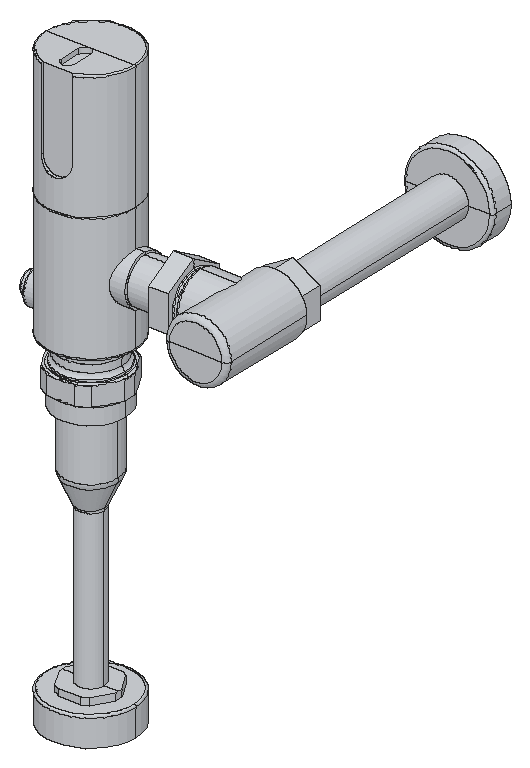
Revit family "Flushometer-Urinal_Touchless-KOHLER-MACH_WAVE-K-40UH00G20_1", category Plumbing Fixtures, host Face, Revit 2017
Family settings
  Host = Face
  Round Connector Dimension = Use Diameter
  Part Type = Normal
  OmniClass Number = 23.27.31.00
  OmniClass Title = Valves
  Cut with Voids When Loaded = No
  Shared = No
  Room Calculation Point = No
Parameters (values of type "0.5 GPF Flushometer, CP-Polished Chrome")
  Without Accessories = Type = 2  # no
  With Accessories = Type = 1  # yes
  Width [instance] = 4 3/8"
  WaterSense Certified = 1 = 0  # no
  Waste Water Outlet = "Waste Water Outlet"  # constant formula
  Waste Connection = 1 = 0  # no
  Vent Connection = 1 = 0  # no
  URL = "https://www.us.kohler.com/us/"
  Type = 1
  RF Width = 3 1/2"  # constant formula
  RF Length = 2 1/2"  # constant formula
  RF Height = 8 1/16"  # constant formula
  Product Page URL = "http://www.us.kohler.com/us/catalog/productDetails.jsp?productId=40UH00G20"
  Product Name = "MACH WAVE"  # constant formula
  Product Documentation Link = "https://www.us.kohler.com/webassets/kpna/catalog/pdf/en/K-40UH00G20_spec.pdf"
  Pressure = 0.00 psi
  Model = if(Type = 1, "K-40UH00G20-CP", if(Type = 2, "K-40UH00G20-RF-CP", "NA"))  # "K-40UH00G20-CP"
  Material = "Premium Metal Construction"  # constant formula
  Master Format 2014 Name = "Control Valves"  # constant formula
  Master Format 2014 = "23 09 13.33"  # constant formula
  Manufacturer Address = "444 Highland Dr, Kohler, WI 53044"  # constant formula
  Manufacturer = "KOHLER Co."  # constant formula
  Length [instance] = 9 3/8"
  Hot Water Inlet = "Hot Water Inlet"  # constant formula
  Height [instance] = 16 3/4"
  HW Connection = 1 = 0  # no
  Flush Rate- LPF = "1.9 LPF"  # constant formula
  Flush Rate- GPF = "0.5 GPF"  # constant formula
  Flow Rate = 0 GPM
  Finish = Kohler-Metal-CP-Polished_Chrome
  Environmental Product Declaration = ""
  Description = if(Type = 1, "HEC 0.5 GPF URINAL FLASH VALVE", if(Type = 2, "HEC 0.5 GPF URINAL RETROFIT FLASH VALVE", "NA"))  # "HEC 0.5 GPF URINAL FLASH VALVE"
  Default Elevation = 0"
  Declare Label = ""
  Date Modified = "02/10/2021"  # constant formula
  Date Created = "02/10/2021"  # constant formula
  Copyright = "Copyright KOHLER Co."  # constant formula
  Contact Us = "https://www.us.kohler.com/us/static/contact.jsp"
  Connector Dia 2 = if(Without Accessories, 3/4", 0")  # 0"
  Connector Dia 1 = if(With Accessories, 3/4", 0")  # 3/4"
  Cold Water Outlet = "Cold Water Outlet"  # constant formula
  Cold Water Inlet = "Cold Water Inlet"  # constant formula
  Center Distance [instance] = (Height - 5 1/4")  # 11 1/2"
  CW Connection = 1 = 1  # yes
  Assembly Code = "D2020"
  ADA Compliant = 1 = 0  # no
Reference planes (in)
  plane 1 "Center (Front/Back)": y = 0
  plane 2: z = 0
  plane 3 "Center (Left/Right)": x = 0
  plane 4: x = 4.375
  plane 5: z = 16.75
  plane 6: y = 7.5625
  plane 7: y = -1.8125
  plane 8: z = 11.5
  plane 9: x = -1.25
  plane 10: x = -0.375
  plane 11: x = 0.375
  plane 12: x = 1.25
  plane 13: x = -1.75
  plane 14: y = 1.25
  plane 15: y = 0.375
  plane 16: y = -0.375
  plane 17: y = -1.25
  plane 18: x = 3.125
  plane 19: x = 3.8125
  plane 20: x = 4.9375
  plane 21: x = 5.625
  plane 22: y = 6.95157
  plane 23: z = 12.75
  plane 24: z = 12.0625
  plane 25: z = 10.9375
  plane 26: z = 10.25
  plane 27: z = 10.3125
  plane 28: z = 0.8125
  plane 29: z = 8.0625
  plane 30: z = 2.75
  plane 31: x = 3.5
  plane 32: z = 1.625
  plane 33: z = 2.08661
  plane 34: z = 3.41339
  plane 35: y = 0.66339
  plane 36: y = -0.66339
  plane 37: x = -1.25
  plane 38: y = 1.25
  plane 39: y = -1.25
  plane 40: x = 1.25
Dimensions and locks (in)
  "Width": plane 3 "Center (Left/Right)" to plane 4
  "Height": plane 5 to level
  locked: plane 7 to plane 1 "Center (Front/Back)" at 1.8125
  "Length": plane 7 to plane 6
  "Center Distance": plane 8 to level
  plane 5 to plane 8 = 5 1/4"
  plane 18 to plane 4 to plane 21 = 1 1/4" locked, 1 1/4" locked
  plane 19 to plane 4 to plane 20 = 9/16" locked, 9/16" locked
  locked: plane 22 to plane 6 at 0.61093
  locked: plane 27 to plane 8 at 1.1875
  plane 26 to plane 8 to plane 23 = 1 1/4" locked, 1 1/4" locked
  plane 24 to plane 8 to plane 25 = 9/16" locked, 9/16" locked
  plane 28 to level = 13/16"
  "RF Height": plane 29 to level
  "RF Width": plane 3 "Center (Left/Right)" to plane 31
  "RF Length": plane 14 to plane 17
  aligned and locked: plane 2 to host face
  aligned and locked: level to host face
  aligned and locked: plane 5 to nested 1
  aligned and locked: plane 6 to nested 1
  aligned and locked: plane 1 "Center (Front/Back)" to nested 1
  aligned and locked: plane 3 "Center (Left/Right)" to nested 1
  aligned and locked: plane 7 to nested 1
Automatic sketch dimensions
  host sketch curve to host sketch curve = 96"  (x2)
Nested families (in)
  nested 1: "K-40UH00G20" at (0, 0, 0), visible <- "With Accessories", type "K-40UH00G20"
  nested 2: "K-40UH00G20_RF" at (0, 0, 0), visible <- "Without Accessories", type "K-40UH00G20_RF"
Connectors (in)
  piping at (4.375, 7.5625, 11.5), diameter 0.75, driven by "Flow Rate", driven by "CW Connection", driven by "Cold Water Inlet", driven by "Connector Dia 1"
    settings: on nested 1, index 1, connector inside diameter 24", connector length 0", flow factor 0, pipe flow 0 GPM, pressure drop 0.00 psi, fitting loss kfactor 0, connector angle 0.00°, fixture units 0, engagement length 0", angle of deflection 0.00°, flow configuration 0, flow direction 1, fitting loss method 0, system type 20, joint type 0, gender type 0, connector reference index -1, connector utility 1, adjustable connector no, is connector primary yes, connector description "Cold Water Inlet"
  piping at (0, 0, 0), diameter 0.75, driven by "Flow Rate", driven by "CW Connection", driven by "Cold Water Outlet"
    settings: on nested 1, index 2, connector inside diameter 24", connector length 0", flow factor 0, pipe flow 0 GPM, pressure drop 0.00 psi, fitting loss kfactor 0, connector angle 0.00°, fixture units 0, engagement length 0", angle of deflection 0.00°, flow configuration 0, flow direction 2, fitting loss method 0, system type 20, joint type 0, gender type 0, connector reference index -1, connector utility 1, adjustable connector no, is connector primary no, connector description "Cold Water Outlet"
  piping at (3.5, 0, 2.75), driven by "Flow Rate", driven by "CW Connection", driven by "Cold Water Inlet", driven by "Connector Dia 2"
    settings: on nested 2, index 3, connector diameter 0", connector inside diameter 24", connector length 0", flow factor 0, pipe flow 0 GPM, pressure drop 0.00 psi, fitting loss kfactor 0, connector angle 0.00°, fixture units 0, engagement length 0", angle of deflection 0.00°, flow configuration 0, flow direction 1, fitting loss method 0, system type 20, joint type 0, gender type 0, connector reference index -1, connector utility 1, adjustable connector no, is connector primary no, connector description "Cold Water Inlet"
Definition of nested family "K-40UH00G20"
  Parameters (values of type "K-40UH00G20")
    length = 9 3/8"
    Width = 4 3/8"
    Material = none
    Height = 16 3/4"
    Center Distance = (Height - 5 1/4")  # 11 1/2"
  Reference planes (in)
    plane 1 "Center (Front/Back)": y = 0
    plane 2: z = 0
    plane 3 "Center (Left/Right)": x = 0
    plane 4 "A": z = 11.5
    plane 5: z = 10.3125
    plane 6: z = 16.75
    plane 7: x = 4.375
    plane 8: x = -1.25
    plane 9: x = 1.25
    plane 10: y = 1.25
    plane 11: y = -1.25
    plane 12: y = 7.5625
    plane 13: y = -1.8125
    plane 14: z = 12.75
    plane 15: z = 10.25
    plane 16: z = 8.96457
    plane 17: z = 8.37649
    plane 18: x = 3.125
    plane 19: x = 5.625
    plane 20: x = -1.75
    plane 21: z = 16.625
    plane 22: z = 10.77154
    plane 23: y = 6.95157
    plane 24: x = 2.31594
    plane 25: x = 2.86713
    plane 26: x = 2.31594
    plane 27: x = 2.86713
    plane 28: x = -0.375
    plane 29: x = 0.375
    plane 30: y = 0.375
    plane 31: y = -0.375
    plane 32: x = 3.8125
    plane 33: x = 4.9375
    plane 34: z = 12.0625
    plane 35: z = 10.9375
    plane 36: z = 0.8125
  Forms (in)
    Extrusion 1, void
      sketch origin (0, 0, 0) x (1, 0, 0) y (0, 1, 0)
        loop
          circle (0, 0) r 1.31929
        loop
          line (-1.08681, 0.18452) -> (-1.08681, -0.18452) -> (-0.7032, -0.84894) -> (-0.38361, -1.03346) -> (0.38361, -1.03346) -> (0.7032, -0.84894) -> (1.08681, -0.18452) -> (1.08681, 0.18452) -> (0.7032, 0.84894) -> (0.38361, 1.03346) -> (-0.38361, 1.03346) -> (-0.7032, 0.84894) -> (-1.08681, 0.18452)
      from 8.96457 to 8.37649
    Extrusion 2, void
      sketch origin (0, 0, 0) x (1, 0, 0) y (0, 1, 0)
        loop
          line (-0.78603, 0.10393) -> (-0.78603, -0.10393) -> (-0.48302, -0.62876) -> (-0.30301, -0.73268) -> (0.30301, -0.73268) -> (0.48302, -0.62876) -> (0.78603, -0.10393) -> (0.78603, 0.10393) -> (0.48302, 0.62876) -> (0.30301, 0.73268) -> (-0.30301, 0.73268) -> (-0.48302, 0.62876) -> (-0.78603, 0.10393)
        loop
          circle (0, 0) r 1.08041
      from 0.81496 to 1.4779
    Revolve 3, solid, material <- "Material", detail levels medium+fine
      sketch origin (0, 0, 0) x (1, 0, 0) y (0, 0, 1)
        loop
          line (1.50388, 12.13386) -> (1.50388, 12.18528) -> (0, 12.18528) -> (0, 11.5) -> (4.375, 11.5) -> (4.375, 12.31231) -> (3.06772, 12.31231)
          arc (3.06772, 12.31231) -> (3.04611, 12.30801) -> (3.02779, 12.29577) r 0.05647
          line (3.02779, 12.29577) -> (2.97034, 12.23832) -> (2.89854, 12.23832)
          arc (2.89854, 12.23832) -> (2.87633, 12.24752) -> (2.86713, 12.26973) r 0.03141
          line (2.86713, 12.26973) -> (2.86713, 12.57402) -> (2.31594, 12.57402) -> (2.31594, 12.13386) -> (1.50388, 12.13386)
        axis (0, 11.5) -> (4.375, 11.5)
      angle from 0 to 360
    Revolve 4, solid, material <- "Material", detail levels medium+fine
      sketch origin (0, 0, 11.5) x (-1, 0, 0) y (0, -1, 0)
        loop
          line (-5.25094, -1.55) -> (-4.93746, -1.55) -> (-4.93746, -6.95157) -> (-5.54291, -6.95157)
          arc (-5.54291, -6.95157) -> (-5.60096, -6.97562) -> (-5.625, -7.03367) r 0.08209
          line (-5.625, -7.03367) -> (-5.625, -7.5625) -> (-4.375, -7.5625) -> (-4.375, 1.8125) -> (-5.10646, 1.8125)
          arc (-5.10646, 1.8125) -> (-5.20862, 1.77018) -> (-5.25094, 1.66802) r 0.14448
          line (-5.25094, 1.66802) -> (-5.25094, -1.55)
        axis (-4.375, -7.5625) -> (-4.375, 1.8125)
      angle from 0 to 360
    Extrusion 5, void
      sketch origin (0, 0, 0) x (0, 1, 0) y (0, 0, 1)
        loop
          circle (0, 11.5) r 1.18947
        loop
          line (0, 12.50197) -> (-0.86773, 12.00098) -> (-0.86773, 10.99902) -> (0, 10.49803) -> (0.86773, 10.99902) -> (0.86773, 12.00098) -> (0, 12.50197)
      from 2.31594 to 2.86713
    Extrusion 6, void
      sketch origin (0, 0, 0) x (1, 0, 0) y (0, 0, 1)
        loop
          circle (4.375, 11.5) r 1.06894
        loop
          line (4.375, 12.37594) -> (3.61641, 11.93797) -> (3.61641, 11.06203) -> (4.375, 10.62406) -> (5.13359, 11.06203) -> (5.13359, 11.93797) -> (4.375, 12.37594)
      from -0.92795 to -1.86496
    Revolve 7, solid, material <- "Material", detail levels medium+fine
      sketch origin (0, 0, 0) x (1, 0, 0) y (0, 0, 1)
        loop
          line (-0.5997, 10.3125) -> (-0.5997, 10.80709) -> (-1.46322, 10.80709)
          arc (-1.46322, 10.80709) -> (-1.50732, 10.78882) -> (-1.52559, 10.74472) r 0.06237
          line (-1.52559, 10.74472) -> (-1.52559, 10.62339) -> (-1.68732, 10.62339)
          arc (-1.68732, 10.62339) -> (-1.73164, 10.60503) -> (-1.75, 10.56071) r 0.06268
          line (-1.75, 10.56071) -> (-1.75, 10.3125) -> (-0.5997, 10.3125)
        axis (-1.75, 10.3125) -> (-0.5997, 10.3125)
      angle from 0 to 360
    Extrusion 8, void
      sketch origin (0, 0, 0) x (1, 0, 0) y (0, 0, 1)
        loop
          line (0.42988, 16.75) -> (-0.42988, 16.75) -> (-0.42988, 14.48421)
          arc (-0.42988, 14.48421) -> (-0.30372, 14.18071) -> (0, 14.05506) r 0.42988
          arc (0, 14.05506) -> (0.30372, 14.18071) -> (0.42988, 14.48421) r 0.42988
          line (0.42988, 14.48421) -> (0.42988, 16.75)
      from 1.13381 to 1.33905
    Extrusion 9, void
      sketch origin (0, 0, 11.5) x (-1, 0, 0) y (0, -1, 0)
        loop
          line (0.18307, 0.20669) -> (0.18307, 0.79724)
          arc (0.18307, 0.79724) -> (0, 0.98031) -> (-0.18307, 0.79724) r 0.18307
          line (-0.18307, 0.79724) -> (-0.18307, 0.20669)
          arc (-0.18307, 0.20669) -> (0, 0.02362) -> (0.18307, 0.20669) r 0.18307
      from 5.125 to 5.25
    Extrusion 10, void
      sketch origin (0, 0, 11.5) x (-1, 0, 0) y (0, -1, 0)
        loop
          line (1.41057, -0.21142) -> (1.60921, -0.21142) -> (1.60921, 0.21142) -> (1.40955, 0.21142)
          arc (1.40955, 0.21142) -> (1.36418, 0.19773) -> (1.33395, 0.16123) r 0.08203
          arc (1.33395, 0.16123) -> (1.30138, 0.00064) -> (1.33346, -0.16005) r 0.41534
          arc (1.33346, -0.16005) -> (1.36424, -0.1974) -> (1.41057, -0.21142) r 0.08357
      from 0 to -0.72846
    Revolve 11, solid, material <- "Material", detail levels medium+fine
      sketch origin (0, 0, 0) x (1, 0, 0) y (0, 0, 1)
        loop
          line (0, 0) -> (1.25, 0) -> (1.25, 0.75359)
          arc (1.25, 0.75359) -> (1.23275, 0.79525) -> (1.19109, 0.8125) r 0.05891
          line (1.19109, 0.8125) -> (0.92409, 0.8125) -> (0.92409, 1) -> (0.375, 1) -> (0.375, 5.35938)
          arc (0.375, 5.35938) -> (0.37896, 5.39553) -> (0.39065, 5.42996) r 0.167
          line (0.39065, 5.42996) -> (0.72601, 6.14915)
          arc (0.72601, 6.14915) -> (0.74977, 6.21913) -> (0.75781, 6.2926) r 0.33942
          line (0.75781, 6.2926) -> (0.75781, 7.89764) -> (0.98425, 7.89764) -> (0.98425, 8.34472)
          arc (0.98425, 8.34472) -> (0.99197, 8.36919) -> (1.01232, 8.3848) r 0.04265
          line (1.01232, 8.3848) -> (1.14839, 8.43433)
          arc (1.14839, 8.43433) -> (1.16889, 8.45006) -> (1.17666, 8.47471) r 0.04297
          line (1.17666, 8.47471) -> (1.17666, 8.877)
          arc (1.17666, 8.877) -> (1.16889, 8.90164) -> (1.14839, 8.91738) r 0.04297
          line (1.14839, 8.91738) -> (1.07657, 8.94351)
          arc (1.07657, 8.94351) -> (1.03961, 8.95342) -> (1.00148, 8.95675) r 0.21955
          line (1.00148, 8.95675) -> (0.94231, 8.95675) -> (0.94231, 9.0002)
          arc (0.94231, 9.0002) -> (0.88676, 9.06161) -> (0.86667, 9.14194) r 0.17064
          line (0.86667, 9.14194) -> (0.86667, 9.35008)
          arc (0.86667, 9.35008) -> (0.95904, 9.57308) -> (1.18205, 9.66545) r 0.31537
          line (1.18205, 9.66545) -> (1.22186, 9.66545)
          arc (1.22186, 9.66545) -> (1.24176, 9.67369) -> (1.25, 9.69359) r 0.02814
          line (1.25, 9.69359) -> (1.25, 13.19548)
          arc (1.25, 13.19548) -> (1.24055, 13.21854) -> (1.21765, 13.22835) r 0.03287
          line (1.21765, 13.22835) -> (1.25, 13.22835) -> (1.25, 16.71358)
          arc (1.25, 16.71358) -> (1.23933, 16.73933) -> (1.21358, 16.75) r 0.03642
          line (1.21358, 16.75) -> (0, 16.75) -> (0, 0)
        axis (0, 0) -> (0, 16.75)
      angle from 0 to 360
    Revolve 12, solid, material <- "Material", detail levels coarse
      sketch origin (0, 0, 0) x (1, 0, 0) y (0, 0, 1)
        loop
          line (0, 16.75) -> (-1.25, 16.75) -> (-1.25, 7.89764) -> (-0.75781, 7.89764) -> (-0.75781, 5.42296) -> (-0.375, 5.42296) -> (-0.375, 0.81496) -> (-1.25, 0.81496) -> (-1.25, 0) -> (0, 0) -> (0, 16.75)
        axis (0, 16.75) -> (0, 0)
      angle from 0 to 360
    Revolve 13, solid, material <- "Material", detail levels coarse
      sketch origin (0, 0, 11.5) x (-1, 0, 0) y (0, -1, 0)
        loop
          line (-4.375, -7.5625) -> (-4.375, 1.8125) -> (-5.25094, 1.8125) -> (-5.25094, -1.55) -> (-4.93764, -1.55) -> (-4.93764, -6.95157) -> (-5.625, -6.95157) -> (-5.625, -7.5625) -> (-4.375, -7.5625)
        axis (-4.375, -7.5625) -> (-4.375, 1.8125)
      angle from 0 to 360
    Extrusion 14, solid, material <- "Material", detail levels coarse
      sketch origin (0, 0, 0) x (0, 1, 0) y (0, 0, 1)
        loop
          circle (0, 10.3125) r 0.49459
      from -1.75 to -1.08681
    Extrusion 15, solid, material <- "Material", detail levels medium+fine
      sketch origin (0, 0, 0) x (1, 0, 0) y (0, 0, 1)
        loop
          circle (4.375, 11.5) r 0.22469
      from -7.5625 to -6.95157
    Revolve 16, solid, material <- "Material", detail levels coarse
      sketch origin (0, 0, 0) x (1, 0, 0) y (0, 0, 1)
        loop
          line (0, 12.13357) -> (0, 11.5) -> (4.375, 11.5) -> (4.375, 12.31214) -> (2.86713, 12.31214) -> (2.86713, 12.50197) -> (2.31594, 12.50197) -> (2.31594, 12.13357) -> (0, 12.13357)
        axis (4.375, 11.5) -> (0, 11.5)
      angle from 0 to 360
  Cuts and joins
    Extrusion 8, Extrusion 9, Extrusion 10 cuts Revolve 7
    Extrusion 6 cuts Revolve 4
    Extrusion 1, Extrusion 2, Extrusion 8, Extrusion 9 cuts Revolve 11
    Extrusion 5 cuts Revolve 3
  Lines and regions (in)
    Masking region 1
      outline origin (0, 0, 11.5) x (-1, 0, 0) y (0, -1, 0)
        loop
          line (1.14764, -0.49541) -> (1.45548, -0.49541)
          arc (1.45548, -0.49541) -> (1.50506, -0.47487) -> (1.52559, -0.4253) r 0.07011
          line (1.52559, -0.4253) -> (1.52559, -0.31089) -> (1.69067, -0.31089)
          arc (1.69067, -0.31089) -> (1.73262, -0.29351) -> (1.75, -0.25156) r 0.05933
          line (1.75, -0.25156) -> (1.75, 0.25156)
          arc (1.75, 0.25156) -> (1.73262, 0.29351) -> (1.69067, 0.31089) r 0.05933
          line (1.69067, 0.31089) -> (1.52559, 0.31089) -> (1.52559, 0.4253)
          arc (1.52559, 0.4253) -> (1.50506, 0.47487) -> (1.45548, 0.49541) r 0.07011
          line (1.45548, 0.49541) -> (1.14764, 0.49541)
          arc (1.14764, 0.49541) -> (0.68675, 1.04445) -> (0, 1.25) r 1.25
          arc (0, 1.25) -> (-0.59409, 1.0998) -> (-1.04541, 0.68528) r 1.25
          line (-1.04541, 0.68528) -> (-1.50394, 0.68528) -> (-1.50394, 0.63386) -> (-2.31594, 0.63386) -> (-2.31594, 0.86773) -> (-2.86713, 0.86773) -> (-2.86713, 0.77274)
          arc (-2.86713, 0.77274) -> (-2.87721, 0.7484) -> (-2.90155, 0.73832) r 0.03442
          line (-2.90155, 0.73832) -> (-2.97034, 0.73832) -> (-3.0243, 0.79228)
          arc (-3.0243, 0.79228) -> (-3.0465, 0.80711) -> (-3.0727, 0.81232) r 0.06845
          line (-3.0727, 0.81232) -> (-3.49906, 0.81232) -> (-3.49906, 1.66989)
          arc (-3.49906, 1.66989) -> (-3.54083, 1.77073) -> (-3.64167, 1.8125) r 0.14261
          line (-3.64167, 1.8125) -> (-5.11806, 1.8125)
          arc (-5.11806, 1.8125) -> (-5.21202, 1.77358) -> (-5.25094, 1.67962) r 0.13288
          line (-5.25094, 1.67962) -> (-5.25094, -0.92795) -> (-5.13359, -0.92795) -> (-5.13359, -1.55) -> (-4.93764, -1.55) -> (-4.93764, -6.95157) -> (-5.54009, -6.95157)
          arc (-5.54009, -6.95157) -> (-5.60013, -6.97645) -> (-5.625, -7.03649) r 0.08491
          line (-5.625, -7.03649) -> (-5.625, -7.5625) -> (-3.125, -7.5625) -> (-3.125, -7.03649)
          arc (-3.125, -7.03649) -> (-3.14987, -6.97645) -> (-3.20991, -6.95157) r 0.08491
          line (-3.20991, -6.95157) -> (-3.81236, -6.95157) -> (-3.81236, -1.55) -> (-3.61641, -1.55) -> (-3.61641, -0.92795) -> (-3.49906, -0.92795) -> (-3.49906, -0.81232) -> (-3.0727, -0.81232)
          arc (-3.0727, -0.81232) -> (-3.0465, -0.80711) -> (-3.0243, -0.79228) r 0.06845
          line (-3.0243, -0.79228) -> (-2.97034, -0.73832) -> (-2.90155, -0.73832)
          arc (-2.90155, -0.73832) -> (-2.87721, -0.7484) -> (-2.86713, -0.77274) r 0.03442
          line (-2.86713, -0.77274) -> (-2.86713, -0.86773) -> (-2.31594, -0.86773) -> (-2.31594, -0.63386) -> (-1.50394, -0.63386) -> (-1.50394, -0.68528) -> (-1.04541, -0.68528)
          arc (-1.04541, -0.68528) -> (-0.59409, -1.0998) -> (0, -1.25) r 1.25
          arc (0, -1.25) -> (0.68675, -1.04445) -> (1.14764, -0.49541) r 1.25
    Masking region 2
      outline origin (0, 0, 0) x (1, 0, 0) y (0, 0, 1)
        loop
          line (1.25, 0) -> (1.25, 0.75477)
          arc (1.25, 0.75477) -> (1.23309, 0.79559) -> (1.19227, 0.8125) r 0.05773
          line (1.19227, 0.8125) -> (0.78603, 0.8125) -> (0.78603, 1) -> (0.375, 1) -> (0.375, 5.36333)
          arc (0.375, 5.36333) -> (0.37834, 5.39387) -> (0.38822, 5.42296) r 0.14108
          line (0.38822, 5.42296) -> (0.7292, 6.1542)
          arc (0.7292, 6.1542) -> (0.75057, 6.21716) -> (0.75781, 6.28325) r 0.30536
          line (0.75781, 6.28325) -> (0.75781, 7.89764) -> (0.98425, 7.89764) -> (0.98425, 8.33679)
          arc (0.98425, 8.33679) -> (0.99588, 8.36486) -> (1.02395, 8.37649) r 0.0397
          line (1.02395, 8.37649) -> (1.08681, 8.37649) -> (1.08681, 8.92229)
          arc (1.08681, 8.92229) -> (1.07443, 8.95218) -> (1.04453, 8.96457) r 0.04228
          line (1.04453, 8.96457) -> (0.94231, 8.96457) -> (0.94231, 9.0002)
          arc (0.94231, 9.0002) -> (0.88697, 9.06221) -> (0.86698, 9.14288) r 0.1728
          line (0.86698, 9.14288) -> (0.86698, 9.35892)
          arc (0.86698, 9.35892) -> (0.95683, 9.57583) -> (1.17374, 9.66568) r 0.30676
          line (1.17374, 9.66568) -> (1.22254, 9.66568)
          arc (1.22254, 9.66568) -> (1.24196, 9.67372) -> (1.25, 9.69314) r 0.02746
          line (1.25, 9.69314) -> (1.25, 10.81472) -> (1.50394, 10.81472) -> (1.50394, 10.86643) -> (2.31594, 10.86643) -> (2.31594, 10.49803) -> (2.86713, 10.49803) -> (2.86713, 10.72866)
          arc (2.86713, 10.72866) -> (2.8768, 10.75201) -> (2.90014, 10.76168) r 0.03302
          line (2.90014, 10.76168) -> (2.97034, 10.76168) -> (3.02723, 10.70479)
          arc (3.02723, 10.70479) -> (3.04598, 10.69226) -> (3.0681, 10.68786) r 0.0578
          line (3.0681, 10.68786) -> (3.42477, 10.68786)
          arc (3.42477, 10.68786) -> (5.625, 11.5) -> (3.42477, 12.31214) r 1.25
          line (3.42477, 12.31214) -> (3.0681, 12.31214)
          arc (3.0681, 12.31214) -> (3.04598, 12.30774) -> (3.02723, 12.29521) r 0.0578
          line (3.02723, 12.29521) -> (2.97034, 12.23832) -> (2.90094, 12.23832)
          arc (2.90094, 12.23832) -> (2.87703, 12.24822) -> (2.86713, 12.27213) r 0.03381
          line (2.86713, 12.27213) -> (2.86713, 12.50197) -> (2.31594, 12.50197) -> (2.31594, 12.13357) -> (1.50394, 12.13357) -> (1.50394, 12.18528) -> (1.25, 12.18528) -> (1.25, 13.19707)
          arc (1.25, 13.19707) -> (1.24046, 13.21957) -> (1.21765, 13.22835) r 0.03129
          line (1.21765, 13.22835) -> (1.25, 13.22835) -> (1.25, 16.71393)
          arc (1.25, 16.71393) -> (1.23944, 16.73944) -> (1.21393, 16.75) r 0.03607
          line (1.21393, 16.75) -> (-1.21393, 16.75)
          arc (-1.21393, 16.75) -> (-1.23944, 16.73944) -> (-1.25, 16.71393) r 0.03607
          line (-1.25, 16.71393) -> (-1.25, 13.22835) -> (-1.21765, 13.22835)
          arc (-1.21765, 13.22835) -> (-1.24046, 13.21957) -> (-1.25, 13.19707) r 0.03129
          line (-1.25, 13.19707) -> (-1.25, 10.80709) -> (-1.30138, 10.80709)
          spline (-1.30138, 10.80709) -> (-1.3018, 10.80683) -> (-1.30281, 10.80607) -> (-1.3044, 10.8048) -> (-1.30657, 10.80303) -> (-1.30932, 10.80076) -> (-1.31264, 10.798) -> (-1.31652, 10.79476) -> (-1.32096, 10.79103) -> (-1.32594, 10.78684) -> (-1.33145, 10.78218) -> (-1.33748, 10.77708) -> (-1.34402, 10.77154)
          line (-1.34402, 10.77154) -> (-1.50047, 10.77154)
          arc (-1.50047, 10.77154) -> (-1.51823, 10.76418) -> (-1.52559, 10.74642) r 0.02512
          line (-1.52559, 10.74642) -> (-1.52559, 10.62339) -> (-1.68985, 10.62339)
          arc (-1.68985, 10.62339) -> (-1.73238, 10.60577) -> (-1.75, 10.56324) r 0.06015
          line (-1.75, 10.56324) -> (-1.75, 10.06176)
          arc (-1.75, 10.06176) -> (-1.73238, 10.01923) -> (-1.68985, 10.00161) r 0.06015
          line (-1.68985, 10.00161) -> (-1.52559, 10.00161) -> (-1.52559, 9.87879)
          arc (-1.52559, 9.87879) -> (-1.50766, 9.83551) -> (-1.46439, 9.81758) r 0.0612
          line (-1.46439, 9.81758) -> (-1.25, 9.81758) -> (-1.25, 9.69314)
          arc (-1.25, 9.69314) -> (-1.24196, 9.67372) -> (-1.22254, 9.66568) r 0.02746
          line (-1.22254, 9.66568) -> (-1.17374, 9.66568)
          arc (-1.17374, 9.66568) -> (-0.95683, 9.57583) -> (-0.86698, 9.35892) r 0.30676
          line (-0.86698, 9.35892) -> (-0.86698, 9.14288)
          arc (-0.86698, 9.14288) -> (-0.88697, 9.06221) -> (-0.94231, 9.0002) r 0.1728
          line (-0.94231, 9.0002) -> (-0.94231, 8.96457) -> (-1.04453, 8.96457)
          arc (-1.04453, 8.96457) -> (-1.07443, 8.95218) -> (-1.08681, 8.92229) r 0.04228
          line (-1.08681, 8.92229) -> (-1.08681, 8.37649) -> (-1.02395, 8.37649)
          arc (-1.02395, 8.37649) -> (-0.99588, 8.36486) -> (-0.98425, 8.33679) r 0.0397
          line (-0.98425, 8.33679) -> (-0.98425, 7.89764) -> (-0.75781, 7.89764) -> (-0.75781, 6.28325)
          arc (-0.75781, 6.28325) -> (-0.75057, 6.21716) -> (-0.7292, 6.1542) r 0.30536
          line (-0.7292, 6.1542) -> (-0.38822, 5.42296)
          arc (-0.38822, 5.42296) -> (-0.37834, 5.39387) -> (-0.375, 5.36333) r 0.14108
          line (-0.375, 5.36333) -> (-0.375, 1) -> (-0.78603, 1) -> (-0.78603, 0.8125) -> (-1.19227, 0.8125)
          arc (-1.19227, 0.8125) -> (-1.23309, 0.79559) -> (-1.25, 0.75477) r 0.05773
          line (-1.25, 0.75477) -> (-1.25, 0) -> (1.25, 0)
    Masking region 3
      outline origin (0, 0, 0) x (0, 1, 0) y (0, 0, 1)
        loop
          line (1.25, 0) -> (1.25, 0.75262)
          arc (1.25, 0.75262) -> (1.23246, 0.79496) -> (1.19012, 0.8125) r 0.05988
          line (1.19012, 0.8125) -> (0.73268, 0.8125) -> (0.73268, 1) -> (0.37476, 1) -> (0.37476, 5.33413)
          arc (0.37476, 5.33413) -> (0.38078, 5.38912) -> (0.39856, 5.4415) r 0.25405
          line (0.39856, 5.4415) -> (0.72285, 6.13693)
          arc (0.72285, 6.13693) -> (0.74897, 6.21388) -> (0.75781, 6.29465) r 0.3732
          line (0.75781, 6.29465) -> (0.75781, 7.89764) -> (0.98425, 7.89764) -> (0.98425, 8.37649) -> (1.03346, 8.37649) -> (1.03346, 8.96457) -> (0.94231, 8.96457) -> (0.94231, 9.0002)
          arc (0.94231, 9.0002) -> (0.88689, 9.06497) -> (0.86696, 9.14785) r 0.18237
          line (0.86696, 9.14785) -> (0.86696, 9.33648)
          arc (0.86696, 9.33648) -> (0.9567, 9.56242) -> (1.17701, 9.66523) r 0.32932
          line (1.17701, 9.66523) -> (1.22184, 9.66523)
          arc (1.22184, 9.66523) -> (1.24175, 9.67348) -> (1.25, 9.69339) r 0.02816
          line (1.25, 9.69339) -> (1.25, 10.62406) -> (1.55, 10.62406) -> (1.55, 10.93804) -> (6.95157, 10.93804) -> (6.95157, 10.3304)
          arc (6.95157, 10.3304) -> (6.97512, 10.27355) -> (7.03198, 10.25) r 0.0804
          line (7.03198, 10.25) -> (7.5625, 10.25) -> (7.5625, 12.75) -> (7.03198, 12.75)
          arc (7.03198, 12.75) -> (6.97512, 12.72645) -> (6.95157, 12.6696) r 0.0804
          line (6.95157, 12.6696) -> (6.95157, 12.06196) -> (1.55, 12.06196) -> (1.55, 12.37594) -> (1.25, 12.37594) -> (1.25, 13.19345)
          arc (1.25, 13.19345) -> (1.24081, 13.2171) -> (1.21806, 13.22835) r 0.03503
          line (1.21806, 13.22835) -> (1.25, 13.22835) -> (1.25, 16.70975)
          arc (1.25, 16.70975) -> (1.23821, 16.73821) -> (1.20975, 16.75) r 0.04025
          line (1.20975, 16.75) -> (-1.13555, 16.75)
          arc (-1.13555, 16.75) -> (-1.16257, 16.73881) -> (-1.17376, 16.7118) r 0.0382
          line (-1.17376, 16.7118) -> (-1.17376, 14.48421)
          arc (-1.17376, 14.48421) -> (-1.19296, 14.26628) -> (-1.25, 14.05506) r 1.24591
          line (-1.25, 14.05506) -> (-1.25, 13.22835) -> (-1.2189, 13.22835)
          arc (-1.2189, 13.22835) -> (-1.24114, 13.21629) -> (-1.25, 13.1926) r 0.0361
          line (-1.25, 13.1926) -> (-1.25, 12.37429) -> (-1.66532, 12.37429)
          arc (-1.66532, 12.37429) -> (-1.76939, 12.33119) -> (-1.8125, 12.22712) r 0.14718
          line (-1.8125, 12.22712) -> (-1.8125, 10.77288)
          arc (-1.8125, 10.77288) -> (-1.76939, 10.66881) -> (-1.66532, 10.62571) r 0.14718
          line (-1.66532, 10.62571) -> (-1.25, 10.62571) -> (-1.25, 9.69339)
          arc (-1.25, 9.69339) -> (-1.24175, 9.67348) -> (-1.22184, 9.66523) r 0.02816
          line (-1.22184, 9.66523) -> (-1.17701, 9.66523)
          arc (-1.17701, 9.66523) -> (-0.9567, 9.56242) -> (-0.86696, 9.33648) r 0.32932
          line (-0.86696, 9.33648) -> (-0.86696, 9.14785)
          arc (-0.86696, 9.14785) -> (-0.88689, 9.06497) -> (-0.94231, 9.0002) r 0.18237
          line (-0.94231, 9.0002) -> (-0.94231, 8.96457) -> (-1.03346, 8.96457) -> (-1.03346, 8.37649) -> (-0.98425, 8.37649) -> (-0.98425, 7.89764) -> (-0.75781, 7.89764) -> (-0.75781, 6.29465)
          arc (-0.75781, 6.29465) -> (-0.74897, 6.21388) -> (-0.72285, 6.13693) r 0.3732
          line (-0.72285, 6.13693) -> (-0.39856, 5.4415)
          arc (-0.39856, 5.4415) -> (-0.38078, 5.38912) -> (-0.37476, 5.33413) r 0.25405
          line (-0.37476, 5.33413) -> (-0.37476, 1) -> (-0.73268, 1) -> (-0.73268, 0.8125) -> (-1.19012, 0.8125)
          arc (-1.19012, 0.8125) -> (-1.23246, 0.79496) -> (-1.25, 0.75262) r 0.05988
          line (-1.25, 0.75262) -> (-1.25, 0) -> (1.25, 0)
    symbolic lines, detail levels medium+fine
      curve 1: line (-1.52559, -0.31089, 11.5) -> (-1.52559, 0.31089, 11.5)
      curve 2: arc (-1.34442, -0.18412, 11.5) -> (-1.30138, 0, 11.5) -> (-1.34442, 0.18412, 11.5) r 0.41534
      curve 3: line (-1.52559, 0.18412, 11.5) -> (-1.34442, 0.18412, 11.5)
      curve 4: line (-1.34442, -0.18412, 11.5) -> (-1.52559, -0.18412, 11.5)
      curve 5: arc (-1.14764, 0.49541, 11.5) -> (-1.22414, 0.25294, 11.5) -> (-1.25, 0, 11.5) r 1.25
      curve 6: arc (-1.14764, -0.49541, 11.5) -> (-1.22414, -0.25294, 11.5) -> (-1.25, 0, 11.5) r 1.25
      curve 7: arc (1.04541, 0.68528, 11.5) -> (1.19776, 0.35759, 11.5) -> (1.25, 0, 11.5) r 1.25
      curve 8: arc (1.04541, -0.68528, 11.5) -> (1.19776, -0.35759, 11.5) -> (1.25, 0, 11.5) r 1.25
      curve 9: line (0.42988, -1.13381, 11.5) -> (-0.42988, -1.13381, 11.5)
      curve 10: line (-0.42988, -1.13381, 11.5) -> (-0.42988, -1.17376, 11.5)
      curve 11: line (0.42988, -1.17376, 11.5) -> (0.42988, -1.13381, 11.5)
      curve 12: arc (0.42988, -1.13924, 11.5) -> (0, 1.21765, 11.5) -> (-0.42988, -1.13924, 11.5) r 1.21765
      curve 13: arc (0.18307, -0.20669, 11.5) -> (0, -0.02362, 11.5) -> (-0.18307, -0.20669, 11.5) r 0.18307
      curve 14: line (-0.18307, -0.20669, 11.5) -> (-0.18307, -0.79724, 11.5)
      curve 15: line (0.18307, -0.79724, 11.5) -> (0.18307, -0.20669, 11.5)
      curve 16: arc (-0.18307, -0.79724, 11.5) -> (0, -0.98031, 11.5) -> (0.18307, -0.79724, 11.5) r 0.18307
      curve 17: line (1.50394, 0.63386, 11.5) -> (1.50394, -0.63386, 11.5)
      curve 18: line (2.31594, 0.63386, 11.5) -> (2.31594, -0.63386, 11.5)
      curve 19: line (2.86713, 0.77274, 11.5) -> (2.86713, -0.77274, 11.5)
      curve 20: line (2.97034, 0.73832, 11.5) -> (2.97034, -0.73832, 11.5)
      curve 21: line (2.86713, 0.77274, 11.5) -> (2.31594, 0.77274, 11.5)
      curve 22: line (2.31594, 0.05692, 11.5) -> (2.86713, 0.05692, 11.5)
      curve 23: line (2.86713, -0.77274, 11.5) -> (2.31594, -0.77274, 11.5)
      curve 24: line (2.31594, -0.05692, 11.5) -> (2.86713, -0.05692, 11.5)
      curve 25: line (3.81236, 1.55, 11.5) -> (4.93746, 1.55, 11.5)
      curve 26: line (3.71439, 1.55, 11.5) -> (3.71439, 0.92795, 11.5)
      curve 27: line (3.71439, 0.92795, 11.5) -> (4.21439, 0.92795, 11.5)
      curve 28: line (4.21439, 0.92795, 11.5) -> (4.21439, 1.55, 11.5)
      curve 29: line (5.03561, 1.55, 11.5) -> (5.03561, 0.92795, 11.5)
      curve 30: line (5.03561, 0.92795, 11.5) -> (4.53561, 0.92795, 11.5)
      curve 31: line (4.53561, 0.92795, 11.5) -> (4.53561, 1.55, 11.5)
      curve 32: line (3.49906, -0.81232, 11.5) -> (3.9705, -0.20585, 11.5)
      curve 33: line (3.49906, 0.81232, 11.5) -> (3.9705, 0.20585, 11.5)
      curve 34: arc (3.9705, -0.20585, 11.5) -> (4.04109, 0, 11.5) -> (3.9705, 0.20585, 11.5) r 0.33541
      curve 35: line (3.81236, 6.95157, 11.5) -> (4.93764, 6.95157, 11.5)
      curve 36: line (3.125, 7.03649, 11.5) -> (5.625, 7.03649, 11.5)
      curve 37: line (-0.375, 0, 1) -> (0.375, 0, 1)
      curve 38: line (-0.78603, 0, 0.8125) -> (0.78603, 0, 0.8125)
      curve 39: line (-1.25, 0, 0.75723) -> (1.25, 0, 0.75723)
      curve 40: line (-0.48302, 0, 1) -> (-0.48302, 0, 0.8125)
      curve 41: line (-0.30301, 0, 1) -> (-0.30301, 0, 0.8125)
      curve 42: line (0.30301, 0, 1) -> (0.30301, 0, 0.8125)
      curve 43: line (0.48302, 0, 1) -> (0.48302, 0, 0.8125)
      curve 44: line (-0.38822, 0, 5.42296) -> (0.38822, 0, 5.42296)
      curve 45: line (-0.75781, 0, 6.28325) -> (0.75781, 0, 6.28325)
      curve 46: line (-0.75781, 0, 7.89764) -> (0.75781, 0, 7.89764)
      curve 47: line (-1.02395, 0, 8.37649) -> (1.02395, 0, 8.37649)
      curve 48: line (-0.94231, 0, 8.96457) -> (0.94231, 0, 8.96457)
      curve 49: line (0.94231, 0, 9.0002) -> (-0.94231, 0, 9.0002)
      curve 50: line (-0.7032, 0, 8.37649) -> (-0.7032, 0, 8.96457)
      curve 51: line (-0.38361, 0, 8.37649) -> (-0.38361, 0, 8.96457)
      curve 52: line (0.7032, 0, 8.37649) -> (0.7032, 0, 8.96457)
      curve 53: line (0.38361, 0, 8.37649) -> (0.38361, 0, 8.96457)
      curve 54: line (-1.17374, 0, 9.66568) -> (1.17374, 0, 9.66568)
      curve 55: line (-1.52559, 0, 10.62339) -> (-1.52559, 0, 10.00161)
      curve 56: line (-1.25, 0, 9.81758) -> (-1.12019, 0, 10.10913)
      curve 57: line (-1.25, 0, 10.80742) -> (-1.12019, 0, 10.51587)
      curve 58: arc (-1.12019, 0, 10.51587) -> (-1.07697, 0, 10.3125) -> (-1.12019, 0, 10.10913) r 0.5
      curve 59: line (-1.21765, 0, 13.22835) -> (1.21765, 0, 13.22835)
      curve 60: line (-0.43272, 0, 16.75) -> (-0.43272, 0, 14.44082)
      curve 61: arc (-0.42988, 0, 14.48421) -> (-0.30372, 0, 14.18071) -> (0, 0, 14.05506) r 0.42988
      curve 62: arc (0, 0, 14.05506) -> (0.30397, 0, 14.18097) -> (0.42988, 0, 14.48494) r 0.42988
      curve 63: line (0.42988, 0, 14.48494) -> (0.42988, 0, 16.75)
      curve 64: line (1.25, 0, 10.81472) -> (0.74149, 0, 11.32322)
      curve 65: line (1.50394, 0, 12.13386) -> (1.50394, 0, 10.86643)
      curve 66: line (1.25, 0, 12.18528) -> (0.74149, 0, 11.67678)
      curve 67: arc (0.74149, 0, 11.67678) -> (0.66827, 0, 11.5) -> (0.74149, 0, 11.32322) r 0.25
      curve 68: line (2.31594, 0, 12.13357) -> (2.31594, 0, 10.86614)
      curve 69: line (2.86713, 0, 10.72866) -> (2.86713, 0, 12.27213)
      curve 70: line (2.97034, 0, 12.23832) -> (2.97034, 0, 10.76168)
      curve 71: line (3.42477, 0, 12.31214) -> (4.04681, 0, 12.31214)
      curve 72: line (3.42477, 0, 10.68786) -> (4.04681, 0, 10.68786)
      curve 73: arc (3.49791, 0, 10.68786) -> (5.57034, 0, 11.5) -> (3.49791, 0, 12.31214) r 1.19534
      curve 74: circle (4.375, 0, 11.5) r 0.87594 normal (0, -1, 0)
      curve 75: line (2.31594, 0, 12.18005) -> (2.86713, 0, 12.18005)
      curve 76: line (2.31594, 0, 12.00098) -> (2.86713, 0, 12.00098)
      curve 77: line (2.31594, 0, 10.81995) -> (2.86713, 0, 10.81995)
      curve 78: line (2.31594, 0, 10.99902) -> (2.86713, 0, 10.99902)
      curve 79: line (3.49906, -1.66989, 11.5) -> (5.25059, -1.66989, 11.5)
      curve 80: line (0, 0.73268, 0.8125) -> (0, -0.73268, 0.8125)
      curve 81: line (0, 0.375, 1) -> (0, -0.375, 1)
      curve 82: line (0, 1.25, 0.75508) -> (0, -1.25, 0.75508)
      curve 83: line (0, 0.62876, 1) -> (0, 0.62876, 0.8125)
      curve 84: line (0, 0.10393, 1) -> (0, 0.10393, 0.8125)
      curve 85: line (0, -0.10393, 1) -> (0, -0.10393, 0.8125)
      curve 86: line (0, -0.62876, 1) -> (0, -0.62876, 0.8125)
      curve 87: line (0, 0.75781, 6.29465) -> (0, -0.75781, 6.29465)
      curve 88: line (0, 0.39856, 5.4415) -> (0, -0.39856, 5.4415)
      curve 89: line (0, 0.75781, 7.89764) -> (0, -0.75781, 7.89764)
      curve 90: line (0, 0.98425, 8.37649) -> (0, -0.98425, 8.37649)
      curve 91: line (0, 0.94231, 8.96457) -> (0, -0.94231, 8.96457)
      curve 92: line (0, 0.94231, 9.0002) -> (0, -0.94231, 9.0002)
      curve 93: line (0, 0.84894, 8.96457) -> (0, 0.84894, 8.37649)
      curve 94: line (0, 0.18452, 8.96457) -> (0, 0.18452, 8.37649)
      curve 95: line (0, -0.84894, 8.96457) -> (0, -0.84894, 8.37649)
      curve 96: line (0, -0.18452, 8.96457) -> (0, -0.18452, 8.37649)
      curve 97: line (0, 1.17701, 9.66523) -> (0, -1.17701, 9.66523)
      curve 98: line (0, 1.25, 12.37594) -> (0, 1.25, 10.62406)
      curve 99: line (0, -1.25, 12.37429) -> (0, -1.25, 10.62571)
      curve 100: line (0, -1.66532, 12.37429) -> (0, -1.66532, 10.62571)
      curve 101: line (0, 1.25, 16.70975) -> (0, -1.17381, 16.70975)
      curve 102: line (0, 1.21806, 13.22835) -> (0, -1.21765, 13.22835)
      curve 103: line (0, 1.55, 12.06196) -> (0, 1.55, 10.93804)
      curve 104: line (0, 1.55, 11.93797) -> (0, 1.25, 11.93797)
      curve 105: line (0, 1.55, 12.09266) -> (0, 1.25, 12.09266)
      curve 106: line (0, 1.55, 11.06203) -> (0, 1.25, 11.06203)
      curve 107: line (0, 1.55, 10.90734) -> (0, 1.25, 10.90734)
      curve 108: line (0, 6.95157, 12.06196) -> (0, 6.95157, 10.93804)
      curve 109: line (0, 7.03198, 10.25) -> (0, 7.03198, 12.75)
      curve 110: circle (0, 0, 10.3125) r 0.31089 normal (-1, 0, 0)
      curve 111: circle (0, 0, 10.3125) r 0.49459 normal (1, 0, 0)
      curve 112: line (0, 0.23187, 10.74937) -> (0, -0.23187, 10.74937)
      curve 113: line (0, 0.23187, 9.87563) -> (0, -0.23187, 9.87563)
  Dimensions and locks (in)
    "Center Distance": plane 4 "A" to level
    plane 5 to level = 10 5/16"
    "Height": plane 6 to level
    plane 6 to plane 4 "A" = 5 1/4"
    plane 7 to plane 3 "Center (Left/Right)" = 4 3/8"
    plane 8 to plane 9 = 2 1/2"
    plane 1 "Center (Front/Back)" to plane 12 = 7 9/16"
    "length": plane 12 to plane 13
    plane 12 to plane 1 "Center (Front/Back)" = 7 9/16"
    "Width": plane 3 "Center (Left/Right)" to plane 7
    locked: Revolve 4 sketch curve to Revolve 4 sketch curve at 0.61093
    locked: plane 13 to plane 1 "Center (Front/Back)" at 1.8125
    locked: plane 7 to Revolve 4 sketch curve at 0.87594
    locked: plane 7 to Revolve 4 sketch curve at 0.56246
    locked: plane 16 to plane 17 at 0.58808
    locked: plane 6 to plane 16 at 7.78543
    locked: Extrusion 5 sketch curve to plane 1 "Center (Front/Back)" at 0.86773
    locked: plane 1 "Center (Front/Back)" to Extrusion 5 sketch curve at 0.86773
    locked: plane 4 "A" to Extrusion 5 sketch curve at 1.00197
    locked: Extrusion 5 sketch curve to plane 4 "A" at 1.00197
    plane 14 to plane 15 = 2 1/2"
    equal spacing: plane 14, plane 4 "A", plane 15, locked at 1.25 each
    locked: Extrusion 6 sketch curve to plane 7 at 0.75859
    locked: plane 7 to Extrusion 6 sketch curve at 0.75859
    locked: plane 4 "A" to Extrusion 6 sketch curve at 0.87594
    locked: Extrusion 6 sketch curve to plane 4 "A" at 0.87594
    locked: plane 7 to Revolve 4 sketch curve at 1.25
    plane 18 to plane 7 to plane 19 = 1 1/4" locked, 1 1/4" locked
    locked: Revolve 7 sketch curve to plane 5 at 0.31089
    locked: Revolve 7 sketch curve to plane 5 at 0.49459
    locked: plane 4 "A" to plane 5 at 1.1875
    locked: plane 8 to Revolve 7 sketch curve at 0.27559
    plane 20 to plane 19 = 7 3/8"
    locked: plane 3 "Center (Left/Right)" to plane 20 at 1.75
    locked: plane 6 to Extrusion 8 sketch curve at 2.69494
    locked: plane 21 to plane 6 at 0.125
    locked: plane 4 "A" to plane 22 at 0.72846
    locked: plane 12 to plane 23 at 0.61093
    locked: Masking region 2 sketch curve to plane 4 "A" at 0.81214
    locked: Masking region 2 sketch curve to plane 4 "A" at 1.00197
    locked: Masking region 2 sketch curve to plane 4 "A" at 0.63357
    locked: Masking region 2 sketch curve to plane 4 "A" at 0.68528
    locked: plane 25 to plane 24 at 0.55118
    locked: plane 7 to plane 25 at 1.50787
    locked: plane 27 to plane 26 at 0.55118
    locked: plane 7 to plane 27 at 1.50787
    plane 3 "Center (Left/Right)" to plane 28 = 3/8"
    plane 7 to plane 32 = 9/16"
    plane 36 to level = 13/16"
    aligned and locked: plane 2 to level
    aligned and locked: Revolve 3 sketch curve to plane 7
    aligned and locked: Revolve 4 sketch curve to plane 12
    aligned and locked: plane 17 to Extrusion 1
    aligned and locked: plane 1 "Center (Front/Back)" to Extrusion 5 sketch curve
    aligned and locked: plane 4 "A" to Extrusion 5 sketch curve
    aligned and locked: plane 7 to Extrusion 6 sketch curve
    aligned and locked: plane 4 "A" to Extrusion 6 sketch curve
    aligned and locked: Revolve 7 sketch curve to plane 5
    aligned and locked: plane 5 to Revolve 7 sketch curve
    aligned and locked: Extrusion 8 sketch curve to plane 6
    aligned and locked: Extrusion 9 to plane 21
    aligned and locked: Extrusion 9 to plane 6
    aligned and locked: plane 4 "A" to Extrusion 10
    aligned and locked: plane 22 to Extrusion 10
    aligned and locked: Masking region 1 sketch curve to plane 12
    aligned and locked: cut or joined group of Revolve 4, Extrusion 6 to Masking region 1 sketch curve
    aligned and locked: Masking region 1 sketch curve to plane 18
    aligned and locked: Masking region 1 to curve 18
    aligned and locked: curve 19 to Masking region 1
    aligned and locked: Revolve 11 sketch curve to plane 6
    aligned and locked: Extrusion 1 to plane 16
    aligned and locked: Masking region 2 sketch curve to cut or joined group of Extrusion 1, Extrusion 2, Extrusion 8, Extrusion 9, Revolve 11
    aligned and locked: cut or joined group of Extrusion 1, Extrusion 2, Extrusion 8, Extrusion 9, Revolve 11 to Masking region 2 sketch curve
    aligned and locked: Masking region 2 sketch curve to plane 16
    aligned and locked: Masking region 2 sketch curve to plane 17
    aligned and locked: Masking region 2 sketch curve to plane 6
    aligned and locked: curve 69 to Masking region 2
    aligned and locked: level to Masking region 3 sketch curve
    aligned and locked: cut or joined group of Revolve 4, Extrusion 6 to Masking region 3 sketch curve  (x2)
    aligned and locked: Masking region 3 sketch curve to cut or joined group of Revolve 4, Extrusion 6
    aligned and locked: plane 23 to Masking region 3 sketch curve
    aligned and locked: Masking region 3 sketch curve to plane 15
    aligned and locked: plane 12 to Masking region 3 sketch curve
    aligned and locked: plane 6 to Masking region 3 sketch curve
    aligned and locked: Masking region 3 sketch curve to cut or joined group of Extrusion 1, Extrusion 2, Extrusion 8, Extrusion 9, Revolve 11
    aligned and locked: curve 110 to cut or joined group of Revolve 7, Extrusion 8, Extrusion 9, Extrusion 10
    aligned and locked: Revolve 12 sketch curve to plane 6
    aligned and locked: Revolve 13 sketch curve to plane 12
    aligned and locked: Revolve 13 sketch curve to plane 23
    aligned and locked: plane 19 to Revolve 13 sketch curve
    aligned and locked: Revolve 13 sketch curve to Masking region 1
    aligned and locked: Revolve 13 sketch curve to plane 13
    aligned and locked: Revolve 13 sketch curve to cut or joined group of Revolve 4, Extrusion 6
    aligned and locked: Revolve 13 sketch curve to plane 7
    aligned and locked: plane 1 "Center (Front/Back)" to Extrusion 14 sketch curve
    aligned and locked: plane 5 to Extrusion 14 sketch curve
    aligned and locked: plane 7 to Extrusion 15 sketch curve
    aligned and locked: plane 4 "A" to Extrusion 15 sketch curve
    aligned and locked: plane 12 to Extrusion 15
    aligned and locked: Extrusion 15 to cut or joined group of Revolve 4, Extrusion 6
    aligned and locked: plane 24 to Masking region 2 sketch curve
    aligned and locked: Masking region 2 sketch curve to plane 24
    aligned and locked: plane 26 to Revolve 3 sketch curve
    aligned and locked: plane 27 to Revolve 3 sketch curve
    aligned and locked: Extrusion 5 to Revolve 3  (x2)
    aligned and locked: Revolve 16 sketch curve to plane 4 "A"
    aligned and locked: Revolve 16 sketch curve to Masking region 2
    aligned and locked: Revolve 16 sketch curve to cut or joined group of Revolve 3, Extrusion 5  (x2)
    aligned and locked: plane 4 "A" to Revolve 16 sketch curve
  Automatic sketch dimensions
    plane 1 "Center (Front/Back)" to Extrusion 1 sketch curve = 0"
    Extrusion 1 sketch curve to plane 3 "Center (Left/Right)" = 0"
    Extrusion 1 sketch curve to plane 3 "Center (Left/Right)" = 0.38361"  (x2)
    Extrusion 1 sketch curve to Extrusion 1 sketch curve = 0.3196"  (x4)
    plane 8 to Extrusion 1 sketch curve = 0.16319"
    plane 3 "Center (Left/Right)" to Extrusion 1 sketch curve = 0.38361"  (x2)
    plane 9 to Extrusion 1 sketch curve = 0.16319"
    plane 1 "Center (Front/Back)" to Extrusion 1 sketch curve = 0.18452"  (x2)
    plane 11 to Extrusion 1 sketch curve = 0.40106"  (x2)
    plane 11 to Extrusion 1 sketch curve = 0.21654"
    Extrusion 1 sketch curve to plane 1 "Center (Front/Back)" = 0.18452"  (x2)
    plane 10 to Extrusion 1 sketch curve = 0.40106"  (x2)
    plane 10 to Extrusion 1 sketch curve = 0.21654"
    plane 1 "Center (Front/Back)" to Extrusion 2 sketch curve = 0"
    Extrusion 2 sketch curve to plane 3 "Center (Left/Right)" = 0"
    Extrusion 2 sketch curve to plane 3 "Center (Left/Right)" = 0.30301"  (x2)
    Extrusion 2 sketch curve to Extrusion 2 sketch curve = 0.18"  (x4)
    plane 1 "Center (Front/Back)" to Extrusion 2 sketch curve = 0.10393"  (x2)
    plane 8 to Extrusion 2 sketch curve = 0.46397"
    plane 3 "Center (Left/Right)" to Extrusion 2 sketch curve = 0.30301"  (x2)
    plane 9 to Extrusion 2 sketch curve = 0.46397"
    Extrusion 2 sketch curve to Extrusion 2 sketch curve = 0.52483"  (x4)
    Extrusion 2 sketch curve to Extrusion 2 sketch curve = 0.10393"  (x2)
    Extrusion 2 sketch curve to plane 1 "Center (Front/Back)" = 0.10393"  (x2)
    Revolve 4 sketch curve to plane 13 = 0"
    Revolve 4 sketch curve to plane 7 = 0"  (x2)
    Revolve 4 sketch curve to Revolve 4 sketch curve = 0.08209"
    plane 13 to Revolve 4 sketch curve = 0.14448"
    Revolve 4 sketch curve to plane 10 = 0.3"
    Revolve 4 sketch curve to Revolve 4 sketch curve = 4"
    Revolve 4 sketch curve to Revolve 4 sketch curve = 3"
    Revolve 7 sketch curve to Revolve 7 sketch curve = 0.06237"
    Revolve 7 sketch curve to plane 3 "Center (Left/Right)" = 0.5997"
    Revolve 7 sketch curve to plane 9 = 1"
    Revolve 7 sketch curve to Revolve 7 sketch curve = 0.44766"
    Revolve 7 sketch curve to Revolve 7 sketch curve = 0.16173"
    Revolve 7 sketch curve to Revolve 7 sketch curve = 0.06268"
    Extrusion 8 sketch curve to Extrusion 8 sketch curve = 0"
    Extrusion 8 sketch curve to plane 3 "Center (Left/Right)" = 0"
    Extrusion 8 sketch curve to plane 3 "Center (Left/Right)" = 0.42988"
    plane 3 "Center (Left/Right)" to Extrusion 8 sketch curve = 0.42988"
    Extrusion 8 sketch curve to Extrusion 8 sketch curve = 0.00073"
    Extrusion 9 sketch curve to plane 3 "Center (Left/Right)" = 0"
    plane 3 "Center (Left/Right)" to Extrusion 9 sketch curve = 0.18307"
    plane 1 "Center (Front/Back)" to Extrusion 9 sketch curve = 0.20669"
    plane 11 to Extrusion 9 sketch curve = 0.45276"
    plane 1 "Center (Front/Back)" to Extrusion 10 sketch curve = 0"
    Extrusion 10 sketch curve to plane 8 = 0.15955"
    Extrusion 10 sketch curve to plane 8 = 0.16057"
    plane 20 to Extrusion 10 sketch curve = 0.14079"
    plane 20 to Extrusion 10 sketch curve = 0.03328"
    Extrusion 10 sketch curve to plane 1 "Center (Front/Back)" = 0.12785"
    Extrusion 10 sketch curve to Extrusion 10 sketch curve = 0.08357"
    plane 1 "Center (Front/Back)" to Extrusion 10 sketch curve = 0.12939"
    Extrusion 10 sketch curve to Extrusion 10 sketch curve = 21/256"
    Extrusion 10 sketch curve to Extrusion 10 sketch curve = 0"
    curve 110 to curve 111 = 0"  (x2)
    curve 99 to plane 11 = 0"
    curve 82 to plane 11 = 0"
    plane 17 to curve 90 = 0"
    plane 16 to curve 91 = 0"
    curve 98 to plane 10 = 0"
    curve 101 to plane 10 = 0"
    curve 82 to plane 10 = 0"
    curve 108 to plane 23 = 0"
    plane 15 to curve 109 = 0"
    curve 109 to plane 14 = 0"
    plane 13 to curve 100 = 0.14718"
    plane 11 to curve 102 = 0.03235"
    plane 11 to curve 97 = 0.07299"
    plane 11 to curve 101 = 0.07619"
    plane 11 to curve 90 = 0.26575"
    plane 11 to curve 91 = 0.30769"
    curve 92 to curve 91 = 0"  (x2)
    curve 90 to curve 95 = 0.13531"
    curve 95 to curve 89 = 0.09113"
    plane 11 to curve 87 = 63/128"
    plane 11 to curve 80 = 0.51732"
    curve 80 to curve 86 = 0.10393"
    plane 1 "Center (Front/Back)" to curve 88 = 0.39856"
    curve 86 to curve 81 = 0.25376"
    plane 22 to curve 112 = 0.02217"
    plane 1 "Center (Front/Back)" to curve 112 = 0.23187"
    plane 1 "Center (Front/Back)" to curve 113 = 0.23187"
    plane 1 "Center (Front/Back)" to curve 96 = 0.18452"
    plane 1 "Center (Front/Back)" to curve 85 = 0.10393"
    curve 84 to plane 1 "Center (Front/Back)" = 0.10393"
    curve 94 to plane 1 "Center (Front/Back)" = 0.18452"
    curve 84 to curve 81 = 0.27107"
    curve 88 to plane 1 "Center (Front/Back)" = 0.39856"
    curve 81 to curve 83 = 0.25376"
    curve 83 to curve 80 = 0.10393"
    plane 10 to curve 89 = 63/128"
    plane 10 to curve 87 = 63/128"
    plane 10 to curve 93 = 0.40106"
    curve 93 to curve 91 = 0.09336"
    curve 93 to curve 90 = 0.13531"
    plane 10 to curve 97 = 0.07299"
    plane 10 to curve 102 = 0.03194"
    curve 103 to plane 10 = 0.3"
    curve 105 to curve 103 = 0"
    curve 107 to curve 103 = 0"
    curve 109 to plane 23 = 0.0804"
    plane 17 to curve 89 = 0.47885"
    curve 87 to curve 89 = 1.60299"
    curve 88 to curve 87 = 0.85316"
    level to curve 83 = 1"
    curve 84 to curve 83 = 0"
    curve 86 to curve 81 = 0"
    curve 86 to curve 86 = 3/16"
    curve 82 to curve 80 = 0.05742"
    curve 92 to plane 16 = 0.03563"
    plane 15 to curve 97 = 0.58477"
    plane 22 to curve 98 = 0.14748"
    plane 22 to curve 99 = 0.14583"
    plane 22 to curve 100 = 0.14583"
    curve 107 to plane 22 = 0.1358"
    curve 107 to curve 103 = 0.0307"
    curve 108 to plane 22 = 0.1665"
    curve 103 to curve 106 = 0.12399"
    plane 4 "A" to curve 104 = 0.43797"
    curve 104 to curve 103 = 0.12399"
    plane 4 "A" to curve 108 = 0.56196"
    curve 103 to curve 105 = 0.0307"
    curve 100 to plane 14 = 0.37571"
    curve 99 to plane 14 = 0.37571"
    curve 105 to curve 98 = 0.28328"
    plane 14 to curve 102 = 0.47835"
    plane 6 to curve 101 = 0.04025"
    curve 61 to curve 62 = 0"
    curve 73 to curve 74 = 0"  (x2)
    curve 58 to plane 5 = 0"
    curve 57 to plane 8 = 0"
    curve 39 to plane 8 = 0"
    curve 56 to plane 8 = 0"
    curve 47 to plane 17 = 0"
    curve 48 to plane 16 = 0"
    curve 60 to plane 6 = 0"
    curve 63 to plane 6 = 0"
    curve 67 to plane 4 "A" = 0"
    plane 9 to curve 39 = 0"
    plane 9 to curve 66 = 0"
    plane 9 to curve 64 = 0"
    curve 74 to plane 4 "A" = 0"
    curve 74 to plane 7 = 0"
    plane 20 to curve 58 = 0.17303"
    plane 8 to curve 57 = 0.12981"
    plane 8 to curve 56 = 0.12981"
    curve 61 to plane 3 "Center (Left/Right)" = 0"
    plane 3 "Center (Left/Right)" to curve 63 = 0.42988"
    plane 9 to curve 66 = 0.50851"
    curve 64 to plane 4 "A" = 0.17678"
    curve 67 to curve 64 = 0"
    curve 67 to curve 67 = 0.17678"
    plane 15 to curve 56 = 0.14087"
    plane 14 to curve 63 = 1.73494"
    plane 20 to curve 55 = 0.22441"
    plane 8 to curve 59 = 0.03235"
    plane 8 to curve 54 = 0.07626"
    plane 8 to curve 47 = 0.22605"
    plane 8 to curve 48 = 0.30769"
    curve 49 to curve 48 = 0"  (x2)
    plane 8 to curve 38 = 0.46397"
    plane 8 to curve 45 = 63/128"
    plane 8 to curve 46 = 63/128"
    curve 47 to curve 50 = 0.32075"
    curve 38 to curve 40 = 0.30301"
    curve 60 to plane 3 "Center (Left/Right)" = 0.43272"
    curve 60 to curve 61 = 0.00283"
    curve 44 to plane 3 "Center (Left/Right)" = 0.38822"
    curve 50 to curve 51 = 0.3196"
    curve 40 to curve 37 = 0.10802"
    curve 40 to curve 41 = 0.18"
    plane 3 "Center (Left/Right)" to curve 42 = 0.30301"
    curve 42 to curve 37 = 0.07199"
    plane 3 "Center (Left/Right)" to curve 53 = 0.38361"
    plane 3 "Center (Left/Right)" to curve 44 = 0.38822"
    curve 42 to curve 43 = 0.18"
    curve 53 to curve 52 = 0.3196"
    curve 52 to curve 46 = 0.05461"
    plane 9 to curve 45 = 63/128"
    curve 43 to curve 38 = 0.30301"
    curve 52 to curve 48 = 0.2391"
    plane 9 to curve 47 = 0.22605"
    plane 9 to curve 54 = 0.07626"
    plane 9 to curve 59 = 0.03235"
    curve 65 to plane 22 = 0.09489"
    curve 65 to plane 9 = 0.25394"
    curve 75 to curve 68 = 0"
    curve 68 to curve 77 = 0"
    curve 69 to curve 70 = 0.10322"
    plane 18 to curve 71 = 0.29977"
    plane 22 to curve 72 = 0.08367"
    plane 18 to curve 72 = 0.29977"
    curve 72 to curve 73 = 0.07314"
    curve 71 to curve 73 = 0.07314"
    curve 71 to plane 7 = 0.32819"
    plane 17 to curve 46 = 0.47885"
    curve 45 to curve 46 = 1.61439"
    curve 44 to curve 45 = 0.8603"
    level to curve 40 = 1"
    curve 41 to curve 40 = 0"
    curve 43 to curve 37 = 0"
    curve 43 to curve 43 = 3/16"
    curve 39 to curve 38 = 0.05527"
    curve 48 to curve 49 = 0.03563"
    plane 15 to curve 54 = 0.58432"
    curve 54 to curve 56 = 0.1519"
    plane 15 to curve 55 = 0.24839"
    plane 22 to curve 55 = 0.14815"
    plane 22 to curve 69 = 0.04287"
    plane 22 to curve 70 = 0.00986"
    curve 57 to plane 22 = 0.03588"
    curve 64 to plane 22 = 0.04318"
    curve 77 to plane 22 = 0.04841"
    curve 77 to curve 68 = 0.04619"
    curve 77 to curve 78 = 0.17907"
    plane 4 "A" to curve 76 = 0.50098"
    curve 76 to curve 68 = 0.13259"
    curve 65 to plane 14 = 0.61614"
    curve 68 to curve 75 = 0.04648"
    curve 65 to curve 66 = 0.05143"
    curve 75 to curve 70 = 0.05827"
    curve 75 to curve 69 = 0.09208"
    plane 14 to curve 59 = 0.47835"
    curve 60 to curve 61 = 0.04339"
    Revolve 3 sketch curve to plane 3 "Center (Left/Right)" = 0"
    Revolve 3 sketch curve to plane 4 "A" = 0"  (x2)
    Revolve 3 sketch curve to plane 9 = 0.25388"
    Revolve 3 sketch curve to Revolve 3 sketch curve = 0.03141"
    Revolve 3 sketch curve to Revolve 3 sketch curve = 0.0718"
    Revolve 3 sketch curve to Revolve 3 sketch curve = 0.03993"  (x2)
    Revolve 3 sketch curve to plane 14 = 0.61614"
    Revolve 3 sketch curve to Revolve 3 sketch curve = 0.05143"
    Revolve 3 sketch curve to plane 14 = 0.51168"
    Revolve 3 sketch curve to Revolve 3 sketch curve = 0.01751"
    Revolve 3 sketch curve to plane 14 = 0.17598"
    Revolve 3 sketch curve to plane 19 = 1/4"
    Revolve 3 sketch curve to Revolve 3 sketch curve = 1/2"
    Extrusion 5 sketch curve to plane 1 "Center (Front/Back)" = 0"  (x2)
    Extrusion 5 sketch curve to plane 22 = 0.22748"  (x2)
    plane 4 "A" to Extrusion 5 sketch curve = 0.50098"  (x2)
    Extrusion 6 sketch curve to plane 7 = 0"  (x2)
    Extrusion 6 sketch curve to plane 22 = 0.29049"  (x2)
    plane 4 "A" to Extrusion 6 sketch curve = 0.43797"  (x2)
    Masking region 1 sketch curve to Masking region 1 sketch curve = 0"  (x4)
    Masking region 1 sketch curve to plane 19 = 0"
    plane 23 to Masking region 1 sketch curve = 0"
    Masking region 1 sketch curve to plane 13 = 0"
    Masking region 1 sketch curve to plane 3 "Center (Left/Right)" = 0"
    Masking region 1 sketch curve to plane 20 = 0"
    plane 10 to Masking region 1 sketch curve = 0"
